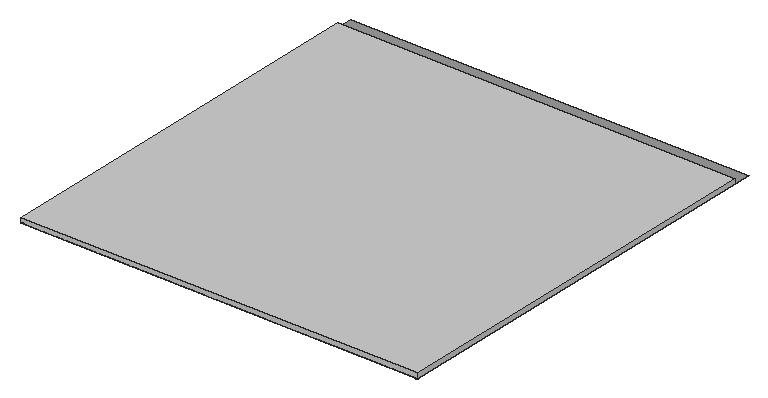
Revit family "SURE-BOARD-SERIES200S-F", category Generic Models, host Face, Revit 2026
Family settings
  Host = Face
  Can host rebar = No
  Round Connector Dimension = Use Diameter
  Part Type = Normal
  Cut with Voids When Loaded = No
  Maintain Annotation Orientation = No
  Shared = No
  Room Calculation Point = No
Parameters (values of type "200S-F")
  Width = 4' - 0"
  URL = "http://www.cemcosteel.com/steel-framing/sureboard-shear/sure-board%C2%AE-series-200s-f-floors-flat-surfaces"
  SteelSheetThickness = 0' - 0 1/32"
  Product Submittal Link = "https://cemcosteel.com/app/uploads/2020/03/Sure_Board-Series-200S_F.pdf"
  Product Info = "Sure-Board® Series 200S-F Sheathing for Floors and Flat Roofs"
  Overlap = 0' - 2"
  Manufacturer = "California  Expanded Metal Lath Products Co. (CEMCO)"
  Keynote = "054000"
  Height = 4' - 0"
  FCSheathingThickness = 0' - 0 9/16"
  Description = "SureBoard Series 200S-F for Floors and Flat Roof Decks"
  Default Elevation = 4' - 0"
  Assembly Code = "B1010220"
Reference planes (in)
  plane 1 "Center (Front/Back)": y = 0
  plane 2: z = 0
  plane 3 "Center (Left/Right)": x = 0
  plane 4: z = 0.03125
  plane 5: z = 0.59375
  plane 6: x = -48
  plane 7: y = 48
  plane 8: y = 50
Forms (in)
  Extrusion 1, solid, material "Metal"
    sketch origin (0, 0, 0) x (1, 0, 0) y (0, 1, 0)
      loop
        line (-48, 50) -> (-48, 0) -> (0, 0) -> (0, 50) -> (-48, 50)
    from 0 to 0.03125
  Extrusion 2, solid, material "FiberCement"
    sketch origin (0, 0, 0) x (1, 0, 0) y (0, 1, 0)
      loop
        line (-48, 48) -> (-48, 0) -> (0, 0) -> (0, 48) -> (-48, 48)
    from 0.03125 to 0.59375
Dimensions and locks (in)
  "SteelSheetThickness": plane 4 to level
  "FCSheathingThickness": plane 5 to plane 4
  "Height": plane 1 "Center (Front/Back)" to plane 7
  "Width": plane 6 to plane 3 "Center (Left/Right)"
  "Overlap": plane 8 to plane 7
  aligned and locked: plane 2 to host face
  aligned and locked: level to host face
  aligned and locked: Extrusion 1 sketch curve to plane 3 "Center (Left/Right)"
  aligned and locked: Extrusion 1 sketch curve to plane 1 "Center (Front/Back)"
  aligned and locked: plane 4 to Extrusion 1
  aligned and locked: Extrusion 2 to Extrusion 1
  aligned and locked: plane 5 to Extrusion 2
  aligned and locked: Extrusion 1 to plane 6
  aligned and locked: Extrusion 2 to plane 6
  aligned and locked: plane 3 "Center (Left/Right)" to Extrusion 2
  aligned and locked: plane 1 "Center (Front/Back)" to Extrusion 2
  aligned and locked: plane 8 to Extrusion 1
  aligned and locked: plane 7 to Extrusion 2
Automatic sketch dimensions
  host sketch curve to host sketch curve = 8' - 5.46534"
  host sketch curve to host sketch curve = 8' - 0.76118"
  Extrusion 1 sketch curve to plane 3 "Center (Left/Right)" = 4' - 0"
  Extrusion 1 sketch curve to plane 1 "Center (Front/Back)" = 4' - 2"
  Extrusion 2 sketch curve to plane 3 "Center (Left/Right)" = 4' - 0"
  Extrusion 2 sketch curve to plane 1 "Center (Front/Back)" = 0' - 0"
  Extrusion 2 sketch curve to Extrusion 2 sketch curve = 4' - 0"  (x2)
